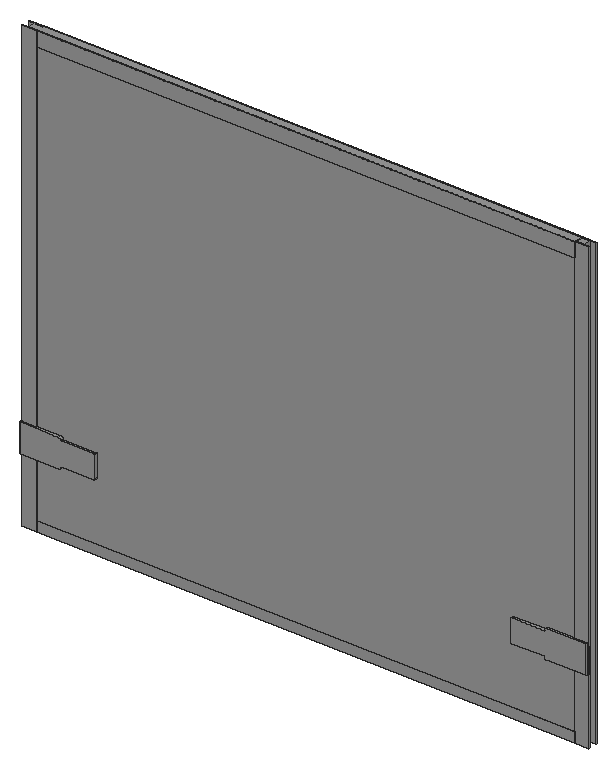
Revit family "Haworth_HATElements_Screen_FramedMonolithic_AP_PRELIMINARY", category Furniture, Revit 2019
Family settings
  Work Plane-Based = No
  Always vertical = Yes
  Cut with Voids When Loaded = No
  Shared = No
  Room Calculation Point = No
Parameters (values of type "Screen - Framed Monolithic")
  URL - Product = "https://www.haworth.com/ap/en/products/office-desks/hat-elements.html"
  Warranty = "http://www.haworth.com/resources/product-info/warranties"
  URL = "https://www.haworth.com/ap/en.html"
  Standing Kit = not(Hanged Kit)  # no
  Standard Widths = "1200, 1400, 1500, 1600, 1800 mm"  # constant formula
  Size = "Verify Final Dim. w/Haworth"  # constant formula
  Screen Finish [instance] = Haworth _ Fabric _ Undecided _ Screen
  Revision Number = "1"  # constant formula
  Model = "SYELXXXXXX"  # constant formula
  Manufacturer = "Haworth, Inc."  # constant formula
  Hanged Kit = yes
  Frame Finish [instance] = Haworth _ Polymer _ Undecided
  Fixing Kit Finish = Haworth _ Polymer _ Undecided
  Description = "Haworth - HAT Elements - Screen Frame Monolithic"  # constant formula
  Author = "Haworth (Abd Rahman)"  # constant formula
  Actual Width = 1200 mm
  Actual Height = 950 mm
  Actual Depth = 20 mm  # constant formula
Reference planes
  plane 1: y = 0
  plane 2: z = 0
  plane 3 "Center (Left/Right)": x = 0
  plane 4: x = -600
  plane 5: z = 612
  plane 6: x = 600
  plane 7: y = 20
  plane 8: z = 1562
  plane 9: y = 10
  plane 10: x = 570
  plane 11: x = -570
  plane 12: z = 752
  plane 13: z = 542
  plane 14: z = 1532
  plane 15: z = 632
  plane 16: x = 587
  plane 17: x = -587
  plane 18: y = 18
  plane 19: y = 2
Forms (mm)
  Extrusion 1, solid, material "Haworth _ Fabric _ Undecided _ Screen" <- "Screen Finish"
    sketch origin (0, 0, -20) x (1, 0, 0) y (0, 0, 1)
      loop
        line (587, 1582) -> (-587, 1582) -> (-587, 652) -> (587, 652) -> (587, 1582)
    from -18 to -2
  Extrusion 2, solid, material "Haworth _ Polymer _ Undecided" <- "Frame Finish"
    sketch origin (0, 0, 0) x (1, 0, 0) y (0, 0, 1)
      loop
        line (-600, 1562) -> (-600, 612) -> (-570, 612) -> (-570, 1562) -> (-600, 1562)
      loop
        line (600, 1562) -> (570, 1562) -> (570, 612) -> (600, 612) -> (600, 1562)
    from -20 to -18
  Extrusion 3, solid, material "Haworth _ Polymer _ Undecided" <- "Frame Finish"
    sketch origin (0, 0, 0) x (1, 0, 0) y (0, 0, 1)
      loop
        line (-570, 1562) -> (-570, 1532) -> (570, 1532) -> (570, 1562) -> (-570, 1562)
      loop
        line (-570, 632) -> (-570, 612) -> (570, 612) -> (570, 632) -> (-570, 632)
    from -20 to 0
  Extrusion 4, solid, material "Haworth _ Polymer _ Undecided" <- "Frame Finish"
    sketch origin (0, 20, 0) x (1, 0, 0) y (0, 0, -1)
      loop
        line (-600, -1562) -> (-570, -1562) -> (-570, -612) -> (-600, -612) -> (-600, -1562)
      loop
        line (600, -1562) -> (600, -612) -> (570, -612) -> (570, -1562) -> (600, -1562)
    from -20 to -18
Lines and regions (mm)
  Masking region 1
    outline origin (0, 0, 0) x (1, 0, 0) y (0, 1, 0)
      loop
        line (-600, 20) -> (-600, 0) -> (600, 0) -> (600, 20) -> (-600, 20)
Dimensions and locks
  equal spacing: plane 4, plane 3 "Center (Left/Right)", plane 6
  "Actual Width": plane 4 to plane 6
  "Actual Depth": plane 7 to plane 1
  "Actual Height": plane 8 to plane 5  (x2)
  locked: plane 10 to plane 6 at 30
  locked: plane 11 to plane 4 at 30
  nested 1 to nested 1 = 20.5 mm
  locked: plane 12 to plane 5 at 140
  locked: plane 5 to plane 13 at 70  (x2)
  locked: plane 8 to plane 14 at 30
  locked: plane 15 to plane 5 at 20
  locked: plane 16 to plane 6 at 13
  locked: plane 4 to plane 17 at 13
  locked: plane 18 to plane 7 at 2
  locked: plane 1 to plane 19 at 2
  plane 1 to plane 19 = 2 mm
  aligned and locked: plane 2 to level
  aligned and locked: nested 1 to plane 9
  aligned and locked: nested 2 to plane 12
  aligned and locked: nested 1 to plane 11
  aligned and locked: nested 2 to plane 1
  aligned and locked: plane 10 to nested 3
  aligned and locked: plane 10 to nested 4
  aligned and locked: plane 12 to nested 4
  aligned and locked: plane 1 to nested 4
  aligned and locked: plane 13 to nested 3
  aligned and locked: nested 1 to plane 13
  aligned and locked: plane 4 to Masking region 1 sketch curve
  aligned and locked: Masking region 1 sketch curve to plane 7
  aligned and locked: Masking region 1 sketch curve to plane 1
  aligned and locked: Masking region 1 sketch curve to plane 6
  aligned and locked: Extrusion 1 to plane 18
  aligned and locked: plane 19 to Extrusion 1
  aligned and locked: plane 17 to Extrusion 1
  aligned and locked: Extrusion 1 to plane 16
  aligned and locked: Extrusion 1 to plane 15
  aligned and locked: Extrusion 2 sketch curve to plane 8
  aligned and locked: plane 4 to Extrusion 2 sketch curve
  aligned and locked: plane 5 to Extrusion 2 sketch curve
  aligned and locked: plane 11 to Extrusion 2 sketch curve
  aligned and locked: plane 7 to Extrusion 2
  aligned and locked: plane 8 to Extrusion 2 sketch curve
  aligned and locked: Extrusion 2 sketch curve to plane 5
  aligned and locked: Extrusion 2 sketch curve to plane 10
  aligned and locked: plane 6 to Extrusion 2 sketch curve
  aligned and locked: plane 5 to Extrusion 3 sketch curve
  aligned and locked: Extrusion 3 sketch curve to plane 15
  aligned and locked: plane 14 to Extrusion 3 sketch curve
  aligned and locked: Extrusion 3 sketch curve to plane 8
  aligned and locked: plane 11 to Extrusion 3 sketch curve  (x2)
  aligned and locked: plane 10 to Extrusion 3 sketch curve  (x2)
  aligned and locked: plane 1 to Extrusion 3
  aligned and locked: plane 7 to Extrusion 3
  aligned and locked: plane 18 to Extrusion 2
  aligned and locked: Extrusion 4 to plane 5  (x2)
  aligned and locked: plane 8 to Extrusion 4  (x2)
  aligned and locked: Extrusion 4 to plane 19
  aligned and locked: Extrusion 4 to plane 8
  aligned and locked: plane 1 to Extrusion 4
  aligned and locked: plane 8 to Extrusion 1
Automatic sketch dimensions
  Extrusion 1 sketch curve to plane 15 = 0 mm
  plane 17 to Extrusion 1 sketch curve = 0 mm
  plane 14 to Extrusion 1 sketch curve = 30 mm
  plane 16 to Extrusion 1 sketch curve = 0 mm
  Extrusion 4 sketch curve to plane 4 = 0 mm
  Extrusion 4 sketch curve to plane 5 = 0 mm  (x2)
  Extrusion 4 sketch curve to plane 11 = 0 mm
  plane 8 to Extrusion 4 sketch curve = 0 mm  (x2)
  plane 10 to Extrusion 4 sketch curve = 0 mm
  Extrusion 4 sketch curve to plane 6 = 0 mm
Nested families
  nested 1: "Haworth_HATElements_Screen_StandingKit-PART" at (-546.204, 9.75, 200.5), visible <- "Standing Kit", type "Standing Fix Kit"
  nested 2: "Haworth_HATElements_Screen_HangedKit-PART" at (-520.938, -2.75, 410.5), visible <- "Hanged Kit", type "Hanging Fix Kit"
    with Small no
  nested 3: "Haworth_HATElements_Screen_StandingKit-PART" at (546.204, 9.75, 200.5) x (-1, 0, 0) z (0, 0, 1), visible <- "Standing Kit", type "Standing Fix Kit"
  nested 4: "Haworth_HATElements_Screen_HangedKit-PART" at (517.5, -2.75, 410.5) x (-1, 0, 0) z (0, 0, 1), visible <- "Hanged Kit", type "Hanging Fix Kit"
    with Small no
Definition of nested family "Haworth_HATElements_Screen_StandingKit-PART"
  Parameters (values of type "Standing Fix Kit")
    URL - Product = ""
    Warranty = "https://www.haworth.com/resources/product-info/warranties"
    URL = "https://www.haworth.com/eu/en.html"
    Trim Finish = none
    Size = "Verify Final Dim. w/Haworth"  # constant formula
    Revision Number = "1"  # constant formula
    Model = "Haworth - HAT Elements"  # constant formula
    Manufacturer = "Haworth, Inc."  # constant formula
    Description = "Haworth - HAT Elements"  # constant formula
    Author = "Haworth (Abd Rahman)"  # constant formula
    Actual Height = 190 mm  # constant formula
  Reference planes
    plane 1: y = 0.25
    plane 2: z = 0
    plane 3 "Center (Left/Right)": x = 0
    plane 4: y = 55.5
    plane 5: y = -55
    plane 6: x = -23.796
    plane 7: x = 21.204
    plane 8: z = 341.5
    plane 9: z = 531.5
  Forms (mm)
    Extrusion 1, solid, material <- "Trim Finish"
      sketch origin (6839.704, 13500.25, 0) x (0, 1, 0) y (0, 0, 1)
        loop
          arc (-13489.5, 346.5) -> (-13488.035, 342.964) -> (-13484.5, 341.5) r 5
          line (-13484.5, 341.5) -> (-13444.5, 341.5) -> (-13444.5, 346.5) -> (-13484.5, 346.5) -> (-13484.5, 509.495) -> (-13489.5, 509.495) -> (-13489.5, 346.5)
      from -6860.481 to -6820.481
    Extrusion 2, solid, material <- "Trim Finish"
      sketch origin (6839.704, 13500.25, 0) x (1, 0, 0) y (0, 0, 1)
        loop
          arc (-6818.5, 523.953) -> (-6820.857, 529.643) -> (-6826.546, 531.999) r 8.046
          line (-6826.546, 531.999) -> (-6855.316, 531.999)
          arc (-6855.316, 531.999) -> (-6861.103, 529.602) -> (-6863.5, 523.815) r 8.184
          line (-6863.5, 523.815) -> (-6863.5, 400.999) -> (-6818.5, 400.999) -> (-6818.5, 523.953)
      from 13480.6 to 13488
    Extrusion 3, solid, material <- "Trim Finish"
      sketch origin (6839.704, -13499.75, 0) x (0, -1, 0) y (0, 0, -1)
        loop
          line (-13490, -346.5) -> (-13490, -509.495) -> (-13485, -509.495) -> (-13485, -346.5) -> (-13445, -346.5) -> (-13445, -341.5) -> (-13485, -341.5)
          arc (-13485, -341.5) -> (-13488.536, -342.964) -> (-13490, -346.5) r 5
      from -6860.481 to -6820.481
    Extrusion 4, solid, material <- "Trim Finish"
      sketch origin (6839.704, -13499.75, 0) x (1, 0, 0) y (0, 0, -1)
        loop
          line (-6818.5, -523.953) -> (-6818.5, -400.999) -> (-6863.5, -400.999) -> (-6863.5, -523.815)
          arc (-6863.5, -523.815) -> (-6861.103, -529.602) -> (-6855.316, -531.999) r 8.184
          line (-6855.316, -531.999) -> (-6826.546, -531.999)
          arc (-6826.546, -531.999) -> (-6820.857, -529.643) -> (-6818.5, -523.953) r 8.046
      from 13480.6 to 13488
    Extrusion 5, void
      sketch origin (0, 0, 0) x (1, 0, 0) y (0, 1, 0)
        loop
          arc (-16.818, -54.75) -> (-19.618, -53.59) -> (-20.777, -50.791) r 3.959
          line (-20.777, -50.791) -> (-23.239, -50.791) -> (-23.239, -57.863) -> (24.899, -57.863) -> (24.899, -50.791) -> (19.223, -50.791)
          arc (19.223, -50.791) -> (18.063, -53.59) -> (15.264, -54.75) r 3.959
          line (15.264, -54.75) -> (-16.818, -54.75)
      from 299.184 to 388.019
    Extrusion 6, void
      sketch origin (0, 0, 0) x (1, 0, 0) y (0, 1, 0)
        loop
          line (-16.818, 55.751) -> (15.264, 55.751)
          arc (15.264, 55.751) -> (18.063, 54.591) -> (19.223, 51.792) r 3.959
          line (19.223, 51.792) -> (24.899, 51.792) -> (24.899, 58.864) -> (-23.239, 58.864) -> (-23.239, 51.792) -> (-20.777, 51.792)
          arc (-20.777, 51.792) -> (-19.618, 54.591) -> (-16.818, 55.751) r 3.959
      from 326.326 to 368.785
  Cuts and joins
    Extrusion 5 cuts Extrusion 3
    joined: Extrusion 3, Extrusion 4
    Extrusion 6 cuts Extrusion 1
    joined: Extrusion 1, Extrusion 2
  Lines and regions (mm)
    Masking region 1
      outline origin (0, 0, 0) x (1, 0, 0) y (0, 1, 0)
        loop
          line (-20.777, -54.5) -> (19.223, -54.5) -> (19.223, -19.15) -> (21.204, -19.15) -> (21.204, -11.75) -> (19.223, -11.75) -> (19.223, -9.75) -> (-20.777, -9.75) -> (-20.777, -11.75) -> (-23.796, -11.75) -> (-23.796, -19.15) -> (-20.777, -19.15) -> (-20.777, -54.5)
        loop
          line (-20.777, 55.625) -> (-20.777, 20.275) -> (-23.796, 20.275) -> (-23.796, 12.875) -> (-20.777, 12.875) -> (-20.777, 10.875) -> (19.223, 10.875) -> (19.223, 12.875) -> (21.204, 12.875) -> (21.204, 20.275) -> (19.223, 20.275) -> (19.223, 55.625) -> (-20.777, 55.625)
  Dimensions and locks
    equal spacing: plane 4, plane 1, plane 5
    plane 6 to plane 3 "Center (Left/Right)" to plane 7 = 23.796 mm, 21.204 mm
    "Actual Height": plane 9 to plane 8
    aligned and locked: plane 2 to level
  Automatic sketch dimensions
    Extrusion 1 sketch curve to Extrusion 1 sketch curve = 5 mm
    Extrusion 1 sketch curve to Extrusion 1 sketch curve = 0 mm  (x2)
    Extrusion 1 sketch curve to Extrusion 1 sketch curve = 40 mm
    Extrusion 2 sketch curve to Extrusion 2 sketch curve = 8.184 mm
    Extrusion 2 sketch curve to Extrusion 2 sketch curve = 28.769 mm
    Extrusion 2 sketch curve to Extrusion 2 sketch curve = 45 mm
    Extrusion 2 sketch curve to Extrusion 2 sketch curve = 122.816 mm
    Extrusion 3 sketch curve to plane 1 = 55 mm
    Extrusion 3 sketch curve to Extrusion 3 sketch curve = 0 mm  (x2)
    Extrusion 4 sketch curve to Extrusion 4 sketch curve = 8.184 mm
    Extrusion 4 sketch curve to Extrusion 4 sketch curve = 28.769 mm
    Extrusion 4 sketch curve to Extrusion 4 sketch curve = 45 mm
    Extrusion 4 sketch curve to Extrusion 4 sketch curve = 122.954 mm
    Extrusion 1 sketch curve to plane 1 = 10.5 mm
    Extrusion 3 sketch curve to plane 1 = 15 mm
    Extrusion 3 sketch curve to Extrusion 3 sketch curve = 5 mm
    Extrusion 2 sketch curve to plane 3 "Center (Left/Right)" = 23.796 mm
    Extrusion 4 sketch curve to plane 3 "Center (Left/Right)" = 23.796 mm
    Masking region 1 sketch curve to plane 6 = 0 mm  (x2)
    Masking region 1 sketch curve to plane 7 = 0 mm  (x2)
    Masking region 1 sketch curve to plane 6 = 3.019 mm  (x4)
    plane 5 to Masking region 1 sketch curve = 0.5 mm
    Masking region 1 sketch curve to Masking region 1 sketch curve = 1.981 mm  (x2)
    plane 4 to Masking region 1 sketch curve = 0.125 mm
    plane 7 to Masking region 1 sketch curve = 1.981 mm  (x2)
    plane 1 to Masking region 1 sketch curve = 19.4 mm  (x2)
    Masking region 1 sketch curve to Masking region 1 sketch curve = 7.4 mm  (x4)
    Masking region 1 sketch curve to Masking region 1 sketch curve = 2 mm  (x3)
    Masking region 1 sketch curve to plane 1 = 10.625 mm
    Extrusion 5 sketch curve to plane 6 = 0.558 mm
    Extrusion 5 sketch curve to Extrusion 5 sketch curve = 2.461 mm
    plane 5 to Extrusion 5 sketch curve = 0.25 mm
    Extrusion 5 sketch curve to Extrusion 5 sketch curve = 3.959 mm
    plane 7 to Extrusion 5 sketch curve = 5.94 mm
    plane 7 to Extrusion 5 sketch curve = 1.981 mm
    Extrusion 5 sketch curve to plane 7 = 3.695 mm
    Extrusion 5 sketch curve to plane 5 = 2.863 mm
    Extrusion 6 sketch curve to plane 6 = 0.558 mm
    Extrusion 6 sketch curve to Extrusion 6 sketch curve = 2.461 mm
    Extrusion 6 sketch curve to Extrusion 6 sketch curve = 3.959 mm
    plane 7 to Extrusion 6 sketch curve = 5.94 mm
    plane 7 to Extrusion 6 sketch curve = 1.981 mm
    Extrusion 6 sketch curve to plane 7 = 3.695 mm
    Extrusion 6 sketch curve to plane 4 = 3.709 mm
    plane 4 to Extrusion 6 sketch curve = 3.364 mm
    level to Extrusion 1 sketch curve = 341.5 mm
    Extrusion 1 sketch curve to Extrusion 1 sketch curve = 162.995 mm
    level to Extrusion 2 sketch curve = 400.999 mm
    Extrusion 3 sketch curve to level = 341.5 mm
    Extrusion 3 sketch curve to Extrusion 3 sketch curve = 162.995 mm
    level to Extrusion 4 sketch curve = 531.999 mm
Definition of nested family "Haworth_HATElements_Screen_HangedKit-PART"
  Parameters (values of type "Hanging Fix Kit")
    URL - Product = ""
    Warranty = "https://www.haworth.com/resources/product-info/warranties"
    URL = "https://www.haworth.com/eu/en.html"
    Trim Finish = none
    Small = yes
    Size = "Verify Final Dim. w/Haworth"  # constant formula
    Revision Number = "1"  # constant formula
    Model = "Haworth - HAT Elements"  # constant formula
    Manufacturer = "Haworth, Inc."  # constant formula
    Large = yes
    Description = "Haworth - HAT Elements"  # constant formula
    Author = "Haworth (Abd Rahman)"  # constant formula
    Actual Height = 60 mm  # constant formula
  Reference planes
    plane 1: y = 0.25
    plane 2: z = 0
    plane 3 "Center (Left/Right)": x = 0
    plane 4: z = 341.5
    plane 5: z = 401.5
    plane 6: x = 78.999
    plane 7: x = -81
    plane 8: y = -2.25
    plane 9: y = 6.861
  Forms (mm)
    Extrusion 1, solid, material <- "Trim Finish", visible <- "Large"
      sketch origin (4168.1, 362.537, 0) x (1, 0, 0) y (0, 1, 0)
        loop
          line (-4089.1, -364.75) -> (-4089.1, -359.75) -> (-4247.1, -359.75) -> (-4247.104, -357.678) -> (-4243.034, -357.543) -> (-4243.104, -355.541) -> (-4246.973, -355.676)
          arc (-4246.973, -355.676) -> (-4248.481, -356.347) -> (-4249.1, -357.879) r 2.204
          line (-4249.1, -357.879) -> (-4249.1, -362.562)
          arc (-4249.1, -362.562) -> (-4248.459, -364.109) -> (-4246.913, -364.75) r 2.187
          line (-4246.913, -364.75) -> (-4089.1, -364.75)
      from 341.5 to 400.5
    Extrusion 2, void
      sketch origin (4168.1, 362.787, 0) x (1, 0, 0) y (0, 0, 1)
        loop
          arc (-4091.1, 395.5) -> (-4089.686, 394.914) -> (-4089.1, 393.5) r 2
          line (-4089.1, 393.5) -> (-4089.1, 348.469)
          arc (-4089.1, 348.469) -> (-4089.677, 347.077) -> (-4091.069, 346.5) r 1.969
          line (-4091.069, 346.5) -> (-4160.1, 346.5)
          arc (-4160.1, 346.5) -> (-4161.564, 342.964) -> (-4165.1, 341.5) r 5
          line (-4165.1, 341.5) -> (-4165.1, 335.5) -> (-4085.1, 335.5) -> (-4085.1, 410.5) -> (-4165.1, 410.5) -> (-4165.1, 400.5)
          arc (-4165.1, 400.5) -> (-4161.564, 399.036) -> (-4160.1, 395.5) r 5
          line (-4160.1, 395.5) -> (-4091.1, 395.5)
      from 323.945 to 408.722
    Extrusion 3, solid, material <- "Trim Finish", visible <- "Small"
      sketch origin (2708.5, -1439.5, 0) x (1, 0, 0) y (0, 0, 1)
        loop
          arc (-2761, 346) -> (-2759.536, 342.464) -> (-2756, 341) r 5
          line (-2756, 341) -> (-2706, 341)
          arc (-2706, 341) -> (-2702.464, 342.464) -> (-2701, 346) r 5
          line (-2701, 346) -> (-2661, 346)
          arc (-2661, 346) -> (-2657.464, 347.464) -> (-2656, 351) r 5
          line (-2656, 351) -> (-2656, 391)
          arc (-2656, 391) -> (-2657.464, 394.536) -> (-2661, 396) r 5
          line (-2661, 396) -> (-2701, 396)
          arc (-2701, 396) -> (-2702.464, 399.536) -> (-2706, 401) r 5
          line (-2706, 401) -> (-2756, 401)
          arc (-2756, 401) -> (-2759.536, 399.536) -> (-2761, 396) r 5
          line (-2761, 396) -> (-2761, 346)
      from -1442.25 to -1437.25
  Cuts and joins
    Extrusion 2 cuts Extrusion 1
  Lines and regions (mm)
    Masking region 1, visible <- "Large"
      outline origin (0, 0, 0) x (1, 0, 0) y (0, 1, 0)
        loop
          line (-78.813, -2.213) -> (78.999, -2.213) -> (78.999, 2.787) -> (-79, 2.787) -> (-79.003, 4.859) -> (-74.934, 4.994) -> (-75.004, 6.996) -> (-78.873, 6.861)
          arc (-78.873, 6.861) -> (-80.381, 6.189) -> (-81, 4.658) r 2.204
          line (-81, 4.658) -> (-81, -0.026)
          arc (-81, -0.026) -> (-80.359, -1.573) -> (-78.813, -2.213) r 2.187
    Masking region 2, visible <- "Small"
      outline origin (0, -22.5, 0) x (1, 0, 0) y (0, 1, 0)
        loop
          line (-52.5, 25.25) -> (-52.5, 20.25) -> (52.5, 20.25) -> (52.5, 25.25) -> (-52.5, 25.25)
  Dimensions and locks
    "Actual Height": plane 5 to plane 4
    plane 9 to plane 1 to plane 8 = 6.611 mm, 2.5 mm
    plane 7 to plane 3 "Center (Left/Right)" to plane 6 = 81 mm, 78.999 mm
    aligned and locked: plane 2 to level
  Automatic sketch dimensions
    Extrusion 1 sketch curve to plane 1 = 2.537 mm
    plane 1 to Extrusion 1 sketch curve = 0.276 mm
    Extrusion 1 sketch curve to plane 1 = 4.609 mm
    Extrusion 1 sketch curve to Extrusion 1 sketch curve = 1.997 mm
    Extrusion 1 sketch curve to Extrusion 1 sketch curve = 0.003 mm
    Extrusion 1 sketch curve to plane 1 = 6.611 mm
    Extrusion 1 sketch curve to Extrusion 1 sketch curve = 0.131 mm
    Extrusion 1 sketch curve to Extrusion 1 sketch curve = 2.187 mm  (x2)
    Extrusion 1 sketch curve to Extrusion 1 sketch curve = 0.208 mm
    Extrusion 1 sketch curve to plane 1 = 6.746 mm
    Extrusion 1 sketch curve to Extrusion 1 sketch curve = 3.869 mm
    Extrusion 1 sketch curve to plane 1 = 4.744 mm
    Extrusion 1 sketch curve to Extrusion 1 sketch curve = 0.07 mm
    Extrusion 1 sketch curve to Extrusion 1 sketch curve = 5 mm
    plane 4 to Extrusion 2 sketch curve = 0 mm
    Extrusion 2 sketch curve to Extrusion 2 sketch curve = 5 mm
    Extrusion 2 sketch curve to plane 4 = 5 mm
    plane 5 to Extrusion 2 sketch curve = 8 mm
    Extrusion 2 sketch curve to Extrusion 2 sketch curve = 69 mm
    Extrusion 2 sketch curve to Extrusion 2 sketch curve = 0.031 mm
    Extrusion 2 sketch curve to Extrusion 2 sketch curve = 1.969 mm
    plane 4 to Extrusion 2 sketch curve = 6 mm
    Extrusion 2 sketch curve to Extrusion 2 sketch curve = 5.969 mm
    Extrusion 2 sketch curve to plane 5 = 9 mm
    plane 5 to Extrusion 3 sketch curve = 5.5 mm  (x2)
    Extrusion 3 sketch curve to Extrusion 3 sketch curve = 5 mm  (x3)
    plane 5 to Extrusion 3 sketch curve = 0.5 mm
    Extrusion 3 sketch curve to Extrusion 3 sketch curve = 50 mm
    Extrusion 3 sketch curve to plane 4 = 4.5 mm
    Extrusion 3 sketch curve to Extrusion 3 sketch curve = 0 mm
    plane 5 to Extrusion 3 sketch curve = 10.5 mm
    Extrusion 3 sketch curve to Extrusion 3 sketch curve = 40 mm
    plane 1 to Masking region 1 sketch curve = 0.276 mm
    Masking region 1 sketch curve to plane 1 = 4.609 mm
    Masking region 1 sketch curve to Masking region 1 sketch curve = 1.997 mm
    Masking region 1 sketch curve to Masking region 1 sketch curve = 0.003 mm
    Masking region 1 sketch curve to plane 1 = 6.611 mm
    Masking region 1 sketch curve to Masking region 1 sketch curve = 0.131 mm
    Masking region 1 sketch curve to Masking region 1 sketch curve = 2.187 mm  (x2)
    Masking region 1 sketch curve to Masking region 1 sketch curve = 0.208 mm
    Masking region 1 sketch curve to plane 1 = 6.746 mm
    Masking region 1 sketch curve to Masking region 1 sketch curve = 3.869 mm
    Masking region 1 sketch curve to plane 1 = 4.744 mm
    Masking region 1 sketch curve to Masking region 1 sketch curve = 0.07 mm
    plane 1 to Masking region 1 sketch curve = 2.464 mm
    Masking region 1 sketch curve to plane 1 = 2.537 mm
    plane 1 to Masking region 2 sketch curve = 2.5 mm
    Masking region 2 sketch curve to Masking region 2 sketch curve = 5 mm
    plane 3 "Center (Left/Right)" to Extrusion 1 sketch curve = 79 mm
    plane 3 "Center (Left/Right)" to Extrusion 2 sketch curve = 3 mm  (x2)
    plane 3 "Center (Left/Right)" to Masking region 1 sketch curve = 78.999 mm
    plane 3 "Center (Left/Right)" to Masking region 2 sketch curve = 52.5 mm
    Extrusion 1 sketch curve to plane 3 "Center (Left/Right)" = 74.934 mm
    Extrusion 3 sketch curve to plane 3 "Center (Left/Right)" = 52.5 mm
    Masking region 1 sketch curve to plane 3 "Center (Left/Right)" = 74.934 mm
    Masking region 2 sketch curve to plane 3 "Center (Left/Right)" = 52.5 mm
